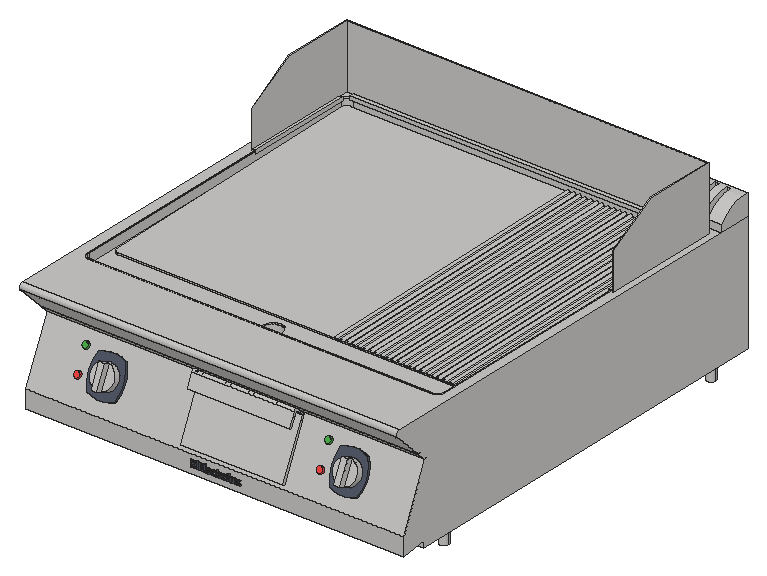
Revit family "QF_ELECTROLUXPROFESSIONAL_391359_E9IIMIAOMEA", category Specialty Equipment, Revit 2018 (continued)
Automatic sketch dimensions
  Extrusion 33 sketch curve to Extrusion 33 sketch curve = 1.742 mm  (x2)
  Extrusion 33 sketch curve to Extrusion 33 sketch curve = 0.821 mm
  Extrusion 33 sketch curve to Extrusion 33 sketch curve = 0.497 mm
  Extrusion 33 sketch curve to Extrusion 33 sketch curve = 0.539 mm
  Extrusion 33 sketch curve to Extrusion 33 sketch curve = 0.686 mm
  Extrusion 33 sketch curve to Extrusion 33 sketch curve = 0.408 mm
  Extrusion 33 sketch curve to Extrusion 33 sketch curve = 0.743 mm
  Extrusion 33 sketch curve to Extrusion 33 sketch curve = 1.16 mm
  Extrusion 33 sketch curve to Extrusion 33 sketch curve = 0.329 mm
  Extrusion 33 sketch curve to Extrusion 33 sketch curve = 1.054 mm
  Extrusion 33 sketch curve to Extrusion 33 sketch curve = 1.056 mm
  Extrusion 33 sketch curve to Extrusion 33 sketch curve = 0.129 mm
  Extrusion 33 sketch curve to Extrusion 33 sketch curve = 0.489 mm
  Extrusion 33 sketch curve to Extrusion 33 sketch curve = 0.441 mm
  Extrusion 33 sketch curve to Extrusion 33 sketch curve = 1.151 mm
  Extrusion 33 sketch curve to Extrusion 33 sketch curve = 1.141 mm  (x2)
  Extrusion 33 sketch curve to Extrusion 33 sketch curve = 0.768 mm
  Extrusion 33 sketch curve to Extrusion 33 sketch curve = 1.653 mm
  Extrusion 33 sketch curve to Extrusion 33 sketch curve = 0.499 mm
  Extrusion 33 sketch curve to Extrusion 33 sketch curve = 0.964 mm
  Extrusion 33 sketch curve to Extrusion 33 sketch curve = 0.949 mm
  Extrusion 33 sketch curve to Extrusion 33 sketch curve = 1.345 mm  (x3)
  Extrusion 33 sketch curve to Extrusion 33 sketch curve = 1.101 mm
  Extrusion 33 sketch curve to Extrusion 33 sketch curve = 0.432 mm
  Extrusion 33 sketch curve to Extrusion 33 sketch curve = 1.142 mm
  Extrusion 33 sketch curve to Extrusion 33 sketch curve = 0.959 mm
  Extrusion 33 sketch curve to Extrusion 33 sketch curve = 0.176 mm
  Extrusion 33 sketch curve to Extrusion 33 sketch curve = 0.728 mm
  Extrusion 33 sketch curve to Extrusion 33 sketch curve = 3.375 mm  (x2)
  Extrusion 33 sketch curve to Extrusion 33 sketch curve = 0.541 mm
  Extrusion 33 sketch curve to Extrusion 33 sketch curve = 0.955 mm
  Extrusion 33 sketch curve to Extrusion 33 sketch curve = 1.251 mm
  Extrusion 33 sketch curve to Extrusion 33 sketch curve = 0.572 mm
  Extrusion 33 sketch curve to Extrusion 33 sketch curve = 1.92 mm
  Extrusion 33 sketch curve to Extrusion 33 sketch curve = 1.224 mm
  Extrusion 33 sketch curve to Extrusion 33 sketch curve = 0.745 mm
  Extrusion 33 sketch curve to Extrusion 33 sketch curve = 2.537 mm
  Extrusion 33 sketch curve to Extrusion 33 sketch curve = 0.896 mm  (x3)
  Extrusion 33 sketch curve to Extrusion 33 sketch curve = 0.036 mm
  Extrusion 33 sketch curve to Extrusion 33 sketch curve = 2.607 mm
  Extrusion 33 sketch curve to Extrusion 33 sketch curve = 0.066 mm
  Extrusion 33 sketch curve to Extrusion 33 sketch curve = 0.248 mm
  Extrusion 33 sketch curve to Extrusion 33 sketch curve = 0.449 mm
  Extrusion 33 sketch curve to Extrusion 33 sketch curve = 1.052 mm
  Extrusion 33 sketch curve to Extrusion 33 sketch curve = 1.863 mm
  Extrusion 33 sketch curve to Extrusion 33 sketch curve = 1.31 mm  (x2)
  Extrusion 33 sketch curve to Extrusion 33 sketch curve = 0.901 mm
  Extrusion 33 sketch curve to Extrusion 33 sketch curve = 1.107 mm
  Extrusion 33 sketch curve to Extrusion 33 sketch curve = 2.122 mm
  Extrusion 33 sketch curve to Extrusion 33 sketch curve = 2.101 mm
  Extrusion 33 sketch curve to Extrusion 33 sketch curve = 0.106 mm
  Extrusion 33 sketch curve to Extrusion 33 sketch curve = 0.029 mm
  Extrusion 33 sketch curve to Extrusion 33 sketch curve = 2.09 mm
  Extrusion 33 sketch curve to Extrusion 33 sketch curve = 1.279 mm
  Extrusion 33 sketch curve to Extrusion 33 sketch curve = 2.008 mm
  Extrusion 33 sketch curve to Extrusion 33 sketch curve = 0.738 mm
  Extrusion 33 sketch curve to Extrusion 33 sketch curve = 0.382 mm
  Extrusion 33 sketch curve to Extrusion 33 sketch curve = 0.384 mm
  Extrusion 33 sketch curve to Extrusion 33 sketch curve = 0.002 mm
  Extrusion 33 sketch curve to Extrusion 33 sketch curve = 0.561 mm
  Extrusion 33 sketch curve to Extrusion 33 sketch curve = 0.592 mm
  Extrusion 33 sketch curve to Extrusion 33 sketch curve = 2.692 mm
  Extrusion 33 sketch curve to Extrusion 33 sketch curve = 1.259 mm
  Extrusion 33 sketch curve to Extrusion 33 sketch curve = 0.802 mm
  Extrusion 33 sketch curve to Extrusion 33 sketch curve = 1.024 mm
  Extrusion 33 sketch curve to Extrusion 33 sketch curve = 0.682 mm
  Extrusion 33 sketch curve to Extrusion 33 sketch curve = 5.934 mm
  Extrusion 33 sketch curve to Extrusion 33 sketch curve = 2.186 mm
  Extrusion 33 sketch curve to Extrusion 33 sketch curve = 0.337 mm
  Extrusion 33 sketch curve to Extrusion 33 sketch curve = 0.021 mm
  Extrusion 33 sketch curve to Extrusion 33 sketch curve = 1.005 mm
  Extrusion 33 sketch curve to Extrusion 33 sketch curve = 0.552 mm
  Extrusion 33 sketch curve to Extrusion 33 sketch curve = 0.778 mm
  Extrusion 33 sketch curve to Extrusion 33 sketch curve = 0.063 mm
  Extrusion 33 sketch curve to Extrusion 33 sketch curve = 1.023 mm
  Extrusion 33 sketch curve to Extrusion 33 sketch curve = 3.804 mm
  Extrusion 33 sketch curve to Extrusion 33 sketch curve = 0.486 mm
  Extrusion 33 sketch curve to Extrusion 33 sketch curve = 0.266 mm
  Extrusion 33 sketch curve to Extrusion 33 sketch curve = 1.547 mm
  Extrusion 33 sketch curve to Extrusion 33 sketch curve = 0.717 mm  (x2)
  Extrusion 33 sketch curve to Extrusion 33 sketch curve = 1.667 mm
  Extrusion 33 sketch curve to Extrusion 33 sketch curve = 3.174 mm
  Extrusion 33 sketch curve to Extrusion 33 sketch curve = 0.388 mm
  Extrusion 33 sketch curve to Extrusion 33 sketch curve = 1.342 mm
  Extrusion 33 sketch curve to Extrusion 33 sketch curve = 1.521 mm
  Extrusion 33 sketch curve to Extrusion 33 sketch curve = 0.124 mm
  Extrusion 33 sketch curve to Extrusion 33 sketch curve = 0.291 mm
  Extrusion 33 sketch curve to Extrusion 33 sketch curve = 1.049 mm  (x2)
  Extrusion 33 sketch curve to Extrusion 33 sketch curve = 1.7 mm
  Extrusion 33 sketch curve to Extrusion 33 sketch curve = 0.894 mm
  Extrusion 33 sketch curve to Extrusion 33 sketch curve = 0.989 mm
  Extrusion 33 sketch curve to Extrusion 33 sketch curve = 1.168 mm
  Extrusion 33 sketch curve to Extrusion 33 sketch curve = 1.594 mm
  Extrusion 33 sketch curve to Extrusion 33 sketch curve = 0.731 mm
  Extrusion 33 sketch curve to Extrusion 33 sketch curve = 1.566 mm
  Extrusion 33 sketch curve to Extrusion 33 sketch curve = 0.064 mm
  Extrusion 33 sketch curve to Extrusion 33 sketch curve = 0.556 mm  (x2)
  Extrusion 33 sketch curve to Extrusion 33 sketch curve = 0.48 mm
  Extrusion 33 sketch curve to Extrusion 33 sketch curve = 0.228 mm
  Extrusion 33 sketch curve to Extrusion 33 sketch curve = 1.018 mm
  Extrusion 33 sketch curve to Extrusion 33 sketch curve = 0.787 mm
  Extrusion 33 sketch curve to Extrusion 33 sketch curve = 0.618 mm
  Extrusion 33 sketch curve to Extrusion 33 sketch curve = 1.672 mm
  Extrusion 33 sketch curve to Extrusion 33 sketch curve = 1.361 mm
  Extrusion 33 sketch curve to Extrusion 33 sketch curve = 0.822 mm
  Extrusion 33 sketch curve to Extrusion 33 sketch curve = 0.069 mm
  Extrusion 33 sketch curve to Extrusion 33 sketch curve = 1.88 mm
  Extrusion 33 sketch curve to Extrusion 33 sketch curve = 0.42 mm
  Extrusion 33 sketch curve to Extrusion 33 sketch curve = 0.062 mm
  Extrusion 33 sketch curve to Extrusion 33 sketch curve = 1.355 mm
  Extrusion 33 sketch curve to Extrusion 33 sketch curve = 2.34 mm
  Extrusion 33 sketch curve to Extrusion 33 sketch curve = 0.493 mm
  Extrusion 33 sketch curve to Extrusion 33 sketch curve = 0.136 mm
  Extrusion 33 sketch curve to Extrusion 33 sketch curve = 0.128 mm
  Extrusion 33 sketch curve to Extrusion 33 sketch curve = 3.616 mm
  Extrusion 33 sketch curve to Extrusion 33 sketch curve = 4.207 mm
  Extrusion 33 sketch curve to Extrusion 33 sketch curve = 0.183 mm
  Extrusion 33 sketch curve to Extrusion 33 sketch curve = 0.895 mm
  Extrusion 33 sketch curve to Extrusion 33 sketch curve = 1.314 mm
  Extrusion 33 sketch curve to Extrusion 33 sketch curve = 3.231 mm
  Extrusion 33 sketch curve to Extrusion 33 sketch curve = 1.299 mm
  Extrusion 33 sketch curve to Extrusion 33 sketch curve = 1.214 mm
  Extrusion 33 sketch curve to Extrusion 33 sketch curve = 1.264 mm
  Extrusion 33 sketch curve to Extrusion 33 sketch curve = 0.109 mm
  Extrusion 33 sketch curve to Extrusion 33 sketch curve = 0.357 mm
  Extrusion 33 sketch curve to Extrusion 33 sketch curve = 0.565 mm
  Extrusion 33 sketch curve to Extrusion 33 sketch curve = 2.504 mm
  Extrusion 33 sketch curve to Extrusion 33 sketch curve = 2.459 mm
  Extrusion 1 to Extrusion 33 sketch curve = 344.64 mm
  Extrusion 33 sketch curve to Extrusion 33 sketch curve = 0.208 mm
  Extrusion 33 sketch curve to Extrusion 33 sketch curve = 0.468 mm  (x2)
  Extrusion 33 sketch curve to Extrusion 33 sketch curve = 1.559 mm
  Extrusion 33 sketch curve to Extrusion 33 sketch curve = 0.422 mm  (x2)
  Extrusion 33 sketch curve to Extrusion 33 sketch curve = 0.494 mm
  Extrusion 33 sketch curve to Extrusion 33 sketch curve = 3.927 mm
  Extrusion 33 sketch curve to Extrusion 33 sketch curve = 0.782 mm
  Extrusion 33 sketch curve to Extrusion 33 sketch curve = 1.268 mm
  Extrusion 33 sketch curve to Extrusion 33 sketch curve = 0.671 mm
  Extrusion 33 sketch curve to Extrusion 33 sketch curve = 0.777 mm
  Extrusion 33 sketch curve to Extrusion 33 sketch curve = 0.704 mm
  Extrusion 33 sketch curve to Extrusion 33 sketch curve = 0.781 mm  (x2)
  Extrusion 33 sketch curve to Extrusion 33 sketch curve = 1.634 mm
  Extrusion 33 sketch curve to Extrusion 33 sketch curve = 0.132 mm
  Extrusion 33 sketch curve to Extrusion 33 sketch curve = 3.136 mm
  Extrusion 33 sketch curve to Extrusion 33 sketch curve = 2.422 mm
  Extrusion 33 sketch curve to Extrusion 33 sketch curve = 0.586 mm
  Extrusion 33 sketch curve to Extrusion 33 sketch curve = 2.046 mm  (x2)
  Extrusion 33 sketch curve to Extrusion 33 sketch curve = 1.241 mm
  Extrusion 33 sketch curve to Extrusion 33 sketch curve = 1.689 mm
  Extrusion 33 sketch curve to Extrusion 33 sketch curve = 2.859 mm
  Extrusion 33 sketch curve to Extrusion 33 sketch curve = 0.627 mm
  Extrusion 33 sketch curve to Extrusion 33 sketch curve = 0.863 mm
  Extrusion 33 sketch curve to Extrusion 33 sketch curve = 0.419 mm
  Extrusion 33 sketch curve to Extrusion 33 sketch curve = 1.514 mm
  Extrusion 33 sketch curve to Extrusion 33 sketch curve = 1.019 mm
  Extrusion 33 sketch curve to Extrusion 33 sketch curve = 0.065 mm
  Extrusion 33 sketch curve to Extrusion 33 sketch curve = 1.215 mm
  Extrusion 33 sketch curve to Extrusion 33 sketch curve = 2.708 mm
  Extrusion 33 sketch curve to Extrusion 33 sketch curve = 1.122 mm
  Extrusion 33 sketch curve to Extrusion 33 sketch curve = 1.153 mm
  Extrusion 33 sketch curve to Extrusion 33 sketch curve = 3.009 mm
  Extrusion 33 sketch curve to Extrusion 33 sketch curve = 0.829 mm  (x2)
  Extrusion 33 sketch curve to Extrusion 33 sketch curve = 0.934 mm
  Extrusion 33 sketch curve to Extrusion 33 sketch curve = 3.376 mm
  Extrusion 33 sketch curve to Extrusion 33 sketch curve = 0.222 mm
  Extrusion 33 sketch curve to Extrusion 33 sketch curve = 1.383 mm
  Extrusion 33 sketch curve to Extrusion 33 sketch curve = 1.556 mm
  Extrusion 33 sketch curve to Extrusion 33 sketch curve = 2.559 mm
  Extrusion 33 sketch curve to Extrusion 33 sketch curve = 2.51 mm
  Extrusion 33 sketch curve to Extrusion 33 sketch curve = 0.131 mm
  Extrusion 33 sketch curve to Extrusion 33 sketch curve = 1.717 mm
  Extrusion 33 sketch curve to Extrusion 33 sketch curve = 1.134 mm
  Extrusion 33 sketch curve to Extrusion 33 sketch curve = 0.366 mm
  Extrusion 33 sketch curve to Extrusion 33 sketch curve = 0.094 mm
  Extrusion 33 sketch curve to Extrusion 33 sketch curve = 1.584 mm
  Extrusion 33 sketch curve to Extrusion 33 sketch curve = 1.501 mm
  Extrusion 33 sketch curve to Extrusion 33 sketch curve = 0.27 mm
  Extrusion 33 sketch curve to Extrusion 33 sketch curve = 1.808 mm
  Extrusion 33 sketch curve to Extrusion 33 sketch curve = 0.643 mm
  Extrusion 33 sketch curve to Extrusion 33 sketch curve = 0.916 mm
  Extrusion 33 sketch curve to Extrusion 33 sketch curve = 0.352 mm
  Extrusion 33 sketch curve to Extrusion 33 sketch curve = 0.458 mm
  Extrusion 33 sketch curve to Extrusion 33 sketch curve = 1.282 mm
  Extrusion 33 sketch curve to Extrusion 33 sketch curve = 1.363 mm
  Extrusion 33 sketch curve to Extrusion 33 sketch curve = 0.685 mm
  Extrusion 33 sketch curve to Extrusion 33 sketch curve = 0.905 mm
  Extrusion 33 sketch curve to Extrusion 33 sketch curve = 2.865 mm
  Extrusion 33 sketch curve to Extrusion 33 sketch curve = 0.472 mm
  Extrusion 33 sketch curve to Extrusion 33 sketch curve = 0.101 mm
  Extrusion 33 sketch curve to Extrusion 33 sketch curve = 0.54 mm
  Extrusion 33 sketch curve to Extrusion 33 sketch curve = 0.02 mm
  Extrusion 33 sketch curve to Extrusion 33 sketch curve = 0.582 mm
  Extrusion 33 sketch curve to Extrusion 33 sketch curve = 0.166 mm
  Extrusion 33 sketch curve to Extrusion 33 sketch curve = 0.16 mm
  Extrusion 33 sketch curve to Extrusion 33 sketch curve = 2.781 mm
  Extrusion 33 sketch curve to Extrusion 33 sketch curve = 1.118 mm
  Extrusion 33 sketch curve to Extrusion 33 sketch curve = 0.613 mm
  Extrusion 33 sketch curve to Extrusion 33 sketch curve = 0.361 mm
  Extrusion 33 sketch curve to Extrusion 33 sketch curve = 0.897 mm
  Extrusion 33 sketch curve to Extrusion 33 sketch curve = 0.167 mm
  Extrusion 33 sketch curve to Extrusion 33 sketch curve = 0.292 mm
  Extrusion 33 sketch curve to Extrusion 33 sketch curve = 0.305 mm
  Extrusion 33 sketch curve to Extrusion 33 sketch curve = 1.557 mm
  Extrusion 33 sketch curve to Extrusion 33 sketch curve = 2.499 mm
  Extrusion 33 sketch curve to Extrusion 33 sketch curve = 3.062 mm
  Extrusion 33 sketch curve to Extrusion 33 sketch curve = 2.968 mm
  Extrusion 33 sketch curve to Extrusion 33 sketch curve = 5.044 mm
  Extrusion 33 sketch curve to Extrusion 33 sketch curve = 0.629 mm  (x2)
  Extrusion 33 sketch curve to Extrusion 33 sketch curve = 1.131 mm
  Extrusion 33 sketch curve to Extrusion 33 sketch curve = 0.137 mm
  Extrusion 33 sketch curve to Extrusion 33 sketch curve = 0.027 mm
  Extrusion 33 sketch curve to Extrusion 33 sketch curve = 2.235 mm
  curve 12 to curve 94 = 0 mm  (x2)
  plane 5 "FRONT" to curve 3 = 0 mm
  curve 7 to plane 3 "LEFT" = 0 mm
  curve 175 to plane 9 = 0 mm
  plane 5 "FRONT" to curve 175 = 0 mm
  curve 93 to plane 7 "Center Y" = 0 mm
  plane 1 "BACK" to curve 5 = 0 mm
  curve 5 to plane 4 "RIGHT" = 0 mm
  plane 5 "FRONT" to curve 1 = 0 mm
  curve 3 to curve 4 = 100 mm
  plane 13 to curve 23 = 4.442 mm
  plane 13 to curve 9 = 11.03 mm
  curve 34 to curve 11 = 6.721 mm
  curve 10 to curve 30 = 3.484 mm
  plane 1 "BACK" to curve 38 = 6.761 mm
  plane 13 to curve 38 = 18.703 mm
  curve 30 to curve 11 = 6.516 mm
  plane 13 to curve 17 = 21.03 mm
  curve 10 to curve 9 = 15 mm
  curve 17 to curve 11 = 5 mm
  curve 36 to curve 35 = 9.296 mm
  curve 11 to curve 18 = 5 mm
  curve 17 to curve 16 = 10 mm
  curve 35 to curve 39 = 16.193 mm
  curve 39 to curve 42 = 9.296 mm
  curve 41 to curve 44 = 16.193 mm
  curve 45 to curve 46 = 9.296 mm
  curve 43 to curve 48 = 16.193 mm
  curve 48 to curve 47 = 9.296 mm
  plane 1 "BACK" to curve 54 = 6.761 mm
  curve 47 to curve 54 = 16.193 mm
  curve 53 to curve 54 = 9.296 mm
  plane 1 "BACK" to curve 57 = 6.761 mm
  curve 51 to curve 57 = 16.193 mm
  curve 56 to curve 55 = 9.296 mm
  curve 55 to curve 61 = 16.193 mm
  curve 61 to curve 62 = 9.296 mm
  plane 1 "BACK" to curve 64 = 6.761 mm
  curve 59 to curve 64 = 16.193 mm
  curve 63 to curve 64 = 9.296 mm
  plane 1 "BACK" to curve 91 = 6.761 mm
  curve 64 to curve 91 = 16.143 mm
  curve 88 to curve 89 = 9.296 mm
  curve 89 to curve 85 = 16.193 mm
  curve 84 to curve 86 = 9.296 mm
  curve 85 to curve 81 = 16.193 mm
  curve 80 to curve 82 = 9.296 mm
  plane 1 "BACK" to curve 79 = 6.761 mm
  curve 82 to curve 79 = 16.193 mm
  curve 76 to curve 77 = 9.296 mm
  curve 177 to plane 7 "Center Y" = 108.514 mm
  plane 1 "BACK" to curve 74 = 6.761 mm
  curve 78 to curve 74 = 16.193 mm
  curve 74 to curve 72 = 9.296 mm
  curve 72 to curve 68 = 16.193 mm
  curve 68 to curve 71 = 9.296 mm
  curve 92 to plane 7 "Center Y" = 20 mm
  plane 1 "BACK" to curve 132 = 6.761 mm
  plane 7 "Center Y" to curve 132 = 29.703 mm
  curve 130 to curve 130 = 9.296 mm
  curve 129 to curve 136 = 16.193 mm
  curve 133 to curve 134 = 9.296 mm
  plane 1 "BACK" to curve 139 = 6.761 mm
  curve 134 to curve 139 = 16.193 mm
  curve 138 to curve 137 = 9.296 mm
  curve 137 to curve 174 = 12.949 mm
  curve 137 to curve 142 = 16.193 mm
  curve 174 to curve 173 = 12.135 mm
  curve 143 to curve 141 = 9.296 mm
  curve 173 to curve 172 = 12.135 mm
  plane 1 "BACK" to curve 147 = 6.761 mm
  curve 141 to curve 147 = 16.193 mm
  curve 172 to curve 171 = 12.135 mm
  curve 147 to curve 148 = 9.296 mm
  plane 7 "Center Y" to curve 176 = 108.514 mm
  curve 171 to curve 170 = 12.135 mm
  plane 1 "BACK" to curve 151 = 6.761 mm
  curve 145 to curve 151 = 16.193 mm
  curve 170 to curve 169 = 12.135 mm
  curve 150 to curve 149 = 9.296 mm
  curve 169 to curve 168 = 12.135 mm
  plane 1 "BACK" to curve 127 = 6.761 mm
  curve 149 to curve 127 = 16.143 mm
  curve 168 to curve 167 = 12.135 mm
  curve 127 to curve 125 = 9.296 mm
  curve 167 to curve 166 = 12.135 mm
  curve 125 to curve 121 = 16.193 mm
  curve 166 to curve 165 = 12.135 mm
  curve 121 to curve 123 = 9.296 mm
  curve 165 to curve 164 = 12.135 mm
  plane 1 "BACK" to curve 117 = 6.761 mm
  curve 123 to curve 117 = 16.193 mm
  curve 164 to curve 163 = 12.135 mm
  curve 117 to curve 118 = 9.296 mm
  curve 163 to curve 162 = 12.135 mm
  plane 1 "BACK" to curve 113 = 6.761 mm
  curve 119 to curve 113 = 16.193 mm
  curve 162 to curve 161 = 12.135 mm
  curve 113 to curve 115 = 9.296 mm
  curve 161 to curve 160 = 12.135 mm
  plane 1 "BACK" to curve 112 = 6.761 mm
  curve 115 to curve 112 = 16.193 mm
  curve 160 to curve 159 = 12.135 mm
  curve 109 to curve 111 = 9.296 mm
  curve 159 to curve 158 = 12.135 mm
  curve 158 to curve 157 = 12.135 mm
  plane 1 "BACK" to curve 105 = 6.761 mm
  curve 111 to curve 105 = 16.193 mm
  curve 105 to curve 107 = 9.296 mm
  curve 157 to curve 156 = 12.135 mm
  curve 156 to curve 155 = 12.135 mm
  plane 1 "BACK" to curve 103 = 6.761 mm
  curve 107 to curve 103 = 16.193 mm
  curve 102 to curve 102 = 9.296 mm
  curve 155 to curve 154 = 12.135 mm
  curve 154 to curve 153 = 12.135 mm
  curve 153 to curve 20 = 0.222 mm
  curve 153 to curve 22 = 0.222 mm
  plane 1 "BACK" to curve 100 = 6.761 mm
  curve 101 to curve 100 = 16.193 mm
  curve 19 to curve 12 = 5 mm
  plane 14 to curve 8 = 26.03 mm
  curve 12 to curve 12 = 5 mm
  curve 12 to curve 21 = 5 mm
  curve 97 to curve 99 = 9.296 mm
  plane 14 to curve 33 = 14.514 mm
  curve 29 to curve 12 = 3.351 mm
  curve 94 to curve 12 = 0 mm
  curve 32 to curve 13 = 3.484 mm
  plane 14 to curve 24 = 4.442 mm
  curve 1 to plane 4 "RIGHT" = 100 mm
  curve 9 to plane 5 "FRONT" = 137.461 mm
  curve 93 to plane 5 "FRONT" = 171.264 mm
  curve 14 to curve 158 = 55 mm
  curve 153 to curve 15 = 0 mm
  plane 8 "Center X" to curve 23 = 129.61 mm
  plane 8 "Center X" to curve 25 = 129.61 mm
  curve 18 to curve 35 = 108.645 mm
  curve 12 to curve 19 = 2.133 mm
  curve 11 to curve 18 = 2.133 mm
  curve 18 to curve 11 = 9.865 mm
  curve 21 to curve 94 = 9.865 mm
  curve 153 to curve 20 = 0.05 mm
  curve 96 to curve 94 = 2.318 mm
  curve 11 to curve 23 = 10.007 mm
  curve 28 to curve 45 = 19.479 mm
  curve 65 to curve 64 = 57.15 mm
  curve 43 to curve 47 = 0 mm
  curve 68 to curve 72 = 57.15 mm
  curve 42 to curve 44 = 0 mm
  curve 72 to curve 68 = 0 mm
  curve 28 to curve 37 = 19.479 mm
  curve 76 to curve 74 = 0 mm
  curve 170 to curve 151 = 41.495 mm
  curve 80 to curve 76 = 0 mm
  curve 147 to curve 150 = 0 mm
  curve 84 to curve 80 = 0 mm
  curve 143 to curve 146 = 0 mm
  curve 65 to curve 89 = 0 mm
  curve 139 to curve 142 = 0 mm
  curve 61 to curve 63 = 0 mm
  curve 47 to curve 51 = 0 mm
  curve 51 to curve 57 = 0 mm
  curve 26 to curve 97 = 19.479 mm
  curve 136 to curve 138 = 0 mm
  curve 101 to curve 97 = 0 mm
  curve 131 to curve 133 = 0 mm
  curve 105 to curve 103 = 0 mm
  curve 149 to curve 128 = 0 mm
  curve 109 to curve 105 = 0 mm
  curve 125 to curve 123 = 0 mm
  curve 113 to curve 109 = 0 mm
  curve 119 to curve 113 = 0 mm
  plane 1 "BACK" to curve 121 = 6.761 mm
  plane 1 "BACK" to curve 133 = 6.761 mm
  plane 1 "BACK" to curve 141 = 6.761 mm
  plane 1 "BACK" to curve 87 = 6.761 mm
  plane 1 "BACK" to curve 83 = 6.761 mm
  plane 1 "BACK" to curve 71 = 6.761 mm
  plane 1 "BACK" to curve 62 = 6.761 mm
  plane 1 "BACK" to curve 50 = 6.761 mm
  plane 1 "BACK" to curve 46 = 6.761 mm
  plane 1 "BACK" to curve 41 = 6.761 mm
  curve 2 to plane 1 "BACK" = 100 mm
  radius of Extrusion 2 sketch curve = 9.525 mm  (x4)
  radius of Extrusion 8 sketch curve = 6.35 mm
  radius of Extrusion 13 sketch curve = 20 mm
  radius of Extrusion 16 sketch curve = 25.4 mm
  radius of Extrusion 17 sketch curve to Extrusion 16 = 0 mm  (x2)
  radius of Extrusion 18 sketch curve = 6.35 mm
  radius of Extrusion 19 sketch curve = 6.35 mm
  radius of Extrusion 22 sketch curve = 25.4 mm
  radius of Extrusion 23 sketch curve to Extrusion 22 = 0 mm  (x2)
  radius of Extrusion 24 sketch curve = 6.35 mm
  radius of Extrusion 25 sketch curve = 6.35 mm
Connectors
  electrical at (740, -584, 19), driven by "Volts", driven by "Watts"
    settings: on Extrusion 8, index 1, voltage 230 V, apparent load 15000 VA, apparent load phase1 0 VA, apparent load phase2 0 VA, apparent load phase3 0 VA, power factor 1, load classification "Other", number of poles 1, system type 30, power factor state 1, is connector primary yes, connector utility no, sub classification motor no, connector description "ELECTRICAL CONNECTION"
